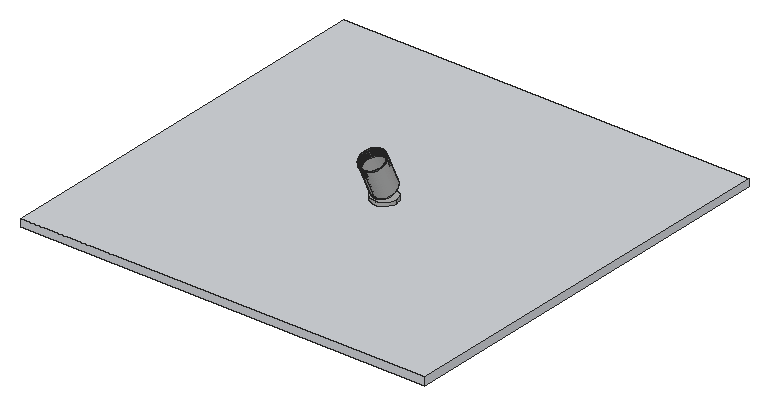
Revit family "P6397-30", category Lighting Fixtures, host Face, Revit 2014
Parameters (values of type "INT")
  zz Angle = if(Angle Tilt < 0.5°, 0.5°, if(Angle Tilt > 89.5°, 89.5°, Angle Tilt))  # 65°
  Wings = Paint - Hubbell - Light Silver
  Width = 3.875"
  Watts = 250 W
  Wattage Comments = "250W"
  Warranty = " year Warranty"  # constant formula
  Voltage = 120 V
  URL = "https://www.hubbell.com/hubbell/en"
  Reflector Finish = Hubbell - White Glass
  Product Page URL = "https://www.hubbell.com/hubbell/en/Products/Lighting-Controls/Residential-Indoor-Lighting/Track-Lighting-Systems/Directionals/One-Light-Multi-Directional-WallCeiling-Heat-Lamp/p/153575"
  Product Documentation URL = "https://hubbellcdn.com/specsheet/PROG_P6397-30_spec.pdf"
  Power Factor = 1
  Mounting = Paint - Hubbell - Light Silver
  Model = "P6397-30"  # constant formula
  Manufacturer = "Progress Lighting"  # constant formula
  Load Classification = Lighting
  Length = 24.000"
  Lamp = "Incandescent"  # constant formula
  Housing Material = Paint - Hubbell - White Texture
  Glass = Hubbell - Glass
  Fixture distribution = "Direct"  # constant formula
  Height = 2.500"
  Description = "One-Light Multi Directional Wall/Ceiling Heat Lamp"  # constant formula
  Default Elevation = 48.000"
  Copyright = " ©2020 Progress Lighting, a division of Hubbell Lighting, Inc"  # constant formula
  Contact = "https://www.hubbell.com/hubbell/en/contactUs?productId=153575"
  Connector Description = "Lighting Connector"  # constant formula
  Black = Paint - Hubbell - Basic Black Textured
  Assembly Code = "D5020200"
  Apparent Load = Watts / Power Factor  # 250 VA
  Angle Tilt = 65°
Reference planes (in)
  plane 1 "Center (Front/Back)": y = 0
  plane 2: z = 0.5561
  plane 3 "Center (Left/Right)": x = 0
  plane 4: z = -5.92028
  plane 5: z = 3.0561
  plane 6: y = 2.5249
  plane 7: y = -2.5249
  plane 8: y = -1.9375
  plane 9: y = 1.9375
  plane 10: z = 16.60335
  plane 11: x = -12
  plane 12: x = 12
  plane 13: x = -8
  plane 14: x = 8
  plane 15: x = -2.9
  plane 16: x = 2.9
  plane 17: z = 1.3061
  plane 18: z = 2.0561
Forms (in)
  Extrusion 1, solid
    sketch origin (0, 0, 0) x (1, 0, 0) y (0, 1, 0)
      loop
        line (-48, 48) -> (-48, -48) -> (48, -48) -> (48, 48) -> (-48, 48)
    from 0.5561 to -1.25
  Extrusion 2, solid, material "Paint - Hubbell - White Texture" <- "Housing Material"
    sketch origin (0, 0, 0) x (1, 0, 0) y (0, 1, 0)
      loop
        circle (-0.00545, 0.00545) r 2.89852
    from 0.5561 to 1.3061
  Extrusion 3, solid, material "Paint - Hubbell - White Texture" <- "Housing Material"
    sketch origin (-6.67468, -0.03381, -5.03125) x (0, 1, 0) y (0, 0, -1)
      loop
        line (0.41381, -6.33411) -> (-0.3462, -6.33411) -> (-0.3462, -7.01919)
        arc (-0.3462, -7.01919) -> (0.03381, -7.89414) -> (0.41381, -7.01919) r 0.52
        line (0.41381, -7.01919) -> (0.41381, -6.33411)
    from -7.25042 to -6.2903
Dimensions and locks (in)
  plane 2 to plane 4 = 6.47638"
  "Height": plane 5 to Extrusion 1
  equal spacing: plane 7, plane 1 "Center (Front/Back)", plane 6
  plane 7 to plane 6 = 5.0498"
  "Width": plane 9 to plane 8
  equal spacing: plane 9, plane 1 "Center (Front/Back)", plane 8
  equal spacing: plane 12, plane 3 "Center (Left/Right)", plane 11
  "Length": plane 12 to plane 11
  locked: plane 13 to plane 11 at 4
  locked: plane 12 to plane 14 at 4
  plane 6 to plane 7 = 5.0498"
  locked: plane 5 to plane 18 at 1
  "zz Angle": angle plane 5 to nested 1
  aligned and locked: plane 2 to Extrusion 1
  aligned and locked: nested 1 to plane 5
Automatic sketch dimensions
  Extrusion 1 sketch curve to Extrusion 1 sketch curve = 96.000"  (x2)
  Extrusion 3 sketch curve to plane 1 "Center (Front/Back)" = 0.000"
  plane 1 "Center (Front/Back)" to Extrusion 3 sketch curve = 0.38001"
  Extrusion 3 sketch curve to plane 1 "Center (Front/Back)" = 0.38001"
  Extrusion 3 sketch curve to plane 17 = 1.03679"
  Extrusion 3 sketch curve to Extrusion 3 sketch curve = 0.35496"
  plane 17 to Extrusion 3 sketch curve = 0.00324"
  Extrusion 2 sketch curve to plane 3 "Center (Left/Right)" = 0.00545"
  Extrusion 2 sketch curve to plane 1 "Center (Front/Back)" = 0.00545"
  radius of Extrusion 2 sketch curve = 2.89852"
Nested families (in)
  nested 1: "Family2" at (1.10236, 0.2578, 2.03651) x (0, -0.4226, 0.9063) z (-1, 0, 0), type "Family2"
Connectors (in)
  electrical at (-0.00545, 0.00545, 0.5561), driven by "Voltage", driven by "Apparent Load", driven by "Power Factor", driven by "Connector Description"
    settings: on Extrusion 2, index 1, voltage 120 V, apparent load 250 VA, apparent load phase1 0 VA, apparent load phase2 0 VA, apparent load phase3 0 VA, power factor 1, load classification "Other", number of poles 1, system type 30, power factor state 1, is connector primary yes, connector utility no, sub classification motor no, connector description "Lighting Connector"
Definition of nested family "Family2"
  Parameters (values of type "Family2")
    Wattage = 9.2903 W
    built-in parameter 1150110 = 1 (stored number, unit not read)
    built-in parameter 1114217 = 1 (stored number, unit not read)
    Tilt Angle = 60°
    built-in parameter 1150109 = 1 (stored number, unit not read)
    built-in parameter 1150134 = 3
    built-in parameter 1150113 = 1 (stored number, unit not read)
    Photometric Web File = "generic"
    built-in parameter 1150142 = (empty or 0)
    built-in parameter 1150105 = 109.82 (stored number, unit not read)
    Lumens = 1380 lm
    built-in parameter 1150115 = 1 (stored number, unit not read)
    built-in parameter 1150137 = (empty or 0)
    built-in parameter 1150139 = (empty or 0)
    built-in parameter 1150112 = 1 (stored number, unit not read)
    built-in parameter 1150114 = 1 (stored number, unit not read)
    built-in parameter 1150132 = (empty or 0)
    built-in parameter 1150102 = (empty or 0)
    built-in parameter 1150107 = 3200 (stored number, unit not read)
    built-in parameter 1150138 = (empty or 0)
    built-in parameter 1150106 = 1.0982 (stored number, unit not read)
    Housing = Paint - Hubbell - Basic Black Textured
    White = Paint - Hubbell - White Texture
    built-in parameter 1150104 = 13.8 (stored number, unit not read)
    Dimming Lamp Color Temperature Shift = (empty or 0)
    Default Elevation = 48.000"
    Color Filter = 16777215
    built-in parameter 1114218 = 1 (stored number, unit not read)
    built-in parameter 1150133 = 10 (stored number, unit not read)
  Reference planes (in)
    plane 1 "Center (Front/Back)": y = 0
    plane 2: z = 0
    plane 3 "Center (Left/Right)": x = 0
    plane 4: x = 8.125
    plane 5: y = 2.875
    plane 6: y = -2.875
  Forms (in)
    Extrusion 1, solid
      sketch origin (0, 0, 0) x (1, 0, 0) y (0, 1, 0)
        loop
          line (-48, 48) -> (-48, -48) -> (48, -48) -> (48, 48) -> (-48, 48)
      from 0 to -12
    Revolve 2, solid, material "Paint - Hubbell - White Texture" <- "White"
      sketch origin (1.125, 0, 1) x (1, 0, 0) y (0, 1, 0)
        loop
          arc (0.25, 2.875) -> (0.07322, 2.80178) -> (0, 2.625) r 0.25
          line (0, 2.625) -> (0, 0) -> (0.06549, 0) -> (0.06549, 2.56914)
          arc (0.06549, 2.56914) -> (0.13871, 2.74591) -> (0.31549, 2.81914) r 0.25
          line (0.31549, 2.81914) -> (8.125, 2.81914) -> (8.125, 2.875) -> (0.25, 2.875)
        axis (8.125, 0) -> (0, 0)
      angle from 0 to 360
    Revolve 3, solid, material "Paint - Hubbell - Basic Black Textured" <- "Housing"
      sketch origin (1.125, 0, 1) x (1, 0, 0) y (0, 1, 0)
        loop
          line (8.125, 2.90662) -> (8.125, 2.81183) -> (5.98268, 2.81183) -> (5.98268, 2.75093) -> (6.04998, 2.75093)
          arc (6.04998, 2.75093) -> (6.12027, 2.78058) -> (6.19055, 2.75093) r 0.09812
          arc (6.19055, 2.75093) -> (6.26084, 2.78058) -> (6.33112, 2.75093) r 0.09812
          arc (6.33112, 2.75093) -> (6.40141, 2.78058) -> (6.47169, 2.75093) r 0.09812
          arc (6.47169, 2.75093) -> (6.54198, 2.78058) -> (6.61226, 2.75093) r 0.09812
          arc (6.61226, 2.75093) -> (6.68255, 2.78058) -> (6.75283, 2.75093) r 0.09812
          arc (6.75283, 2.75093) -> (6.82312, 2.78058) -> (6.8934, 2.75093) r 0.09812
          arc (6.8934, 2.75093) -> (6.96369, 2.78058) -> (7.03398, 2.75093) r 0.09812
          arc (7.03398, 2.75093) -> (7.10426, 2.78058) -> (7.17455, 2.75093) r 0.09812
          arc (7.17455, 2.75093) -> (7.24483, 2.78058) -> (7.31512, 2.75093) r 0.09812
          arc (7.31512, 2.75093) -> (7.3854, 2.78058) -> (7.45569, 2.75093) r 0.09812
          arc (7.45569, 2.75093) -> (7.52597, 2.78058) -> (7.59626, 2.75093) r 0.09812
          arc (7.59626, 2.75093) -> (7.66654, 2.78058) -> (7.73683, 2.75093) r 0.09812
          arc (7.73683, 2.75093) -> (7.80711, 2.78058) -> (7.8774, 2.75093) r 0.09812
          arc (7.8774, 2.75093) -> (7.94189, 2.78041) -> (8.0094, 2.75874) r 0.09812
          line (8.0094, 2.75874) -> (8.16674, 2.75874) -> (8.16674, 2.90662) -> (8.125, 2.90662)
        axis (8.16674, 0) -> (5.98268, 0)
      angle from 0 to 360
    Extrusion 4, solid, material "Paint - Hubbell - White Texture" <- "White"
      sketch origin (0, -1.07554, 0.92446) x (1, 0, 0) y (0, 1, 0)
        loop
          line (1.125, 1.35322) -> (0.77178, 1.35322)
          arc (0.77178, 1.35322) -> (-0.125, 1) -> (0.77178, 0.64678) r 0.51795
          line (0.77178, 0.64678) -> (1.125, 0.64678) -> (1.125, 1.35322)
      from -0.41516 to 0.56624
  Lines and regions (in)
    reference lines
      curve 1: line (1.125, 0, 102.71882) -> (1.125, 0, -24)
      curve 2: line (1.125, 0, 2.10236) -> (7.375, 0, 2.10236)
  Dimensions and locks (in)
    aligned and locked: plane 2 to Extrusion 1
    aligned and locked: level to Extrusion 1
